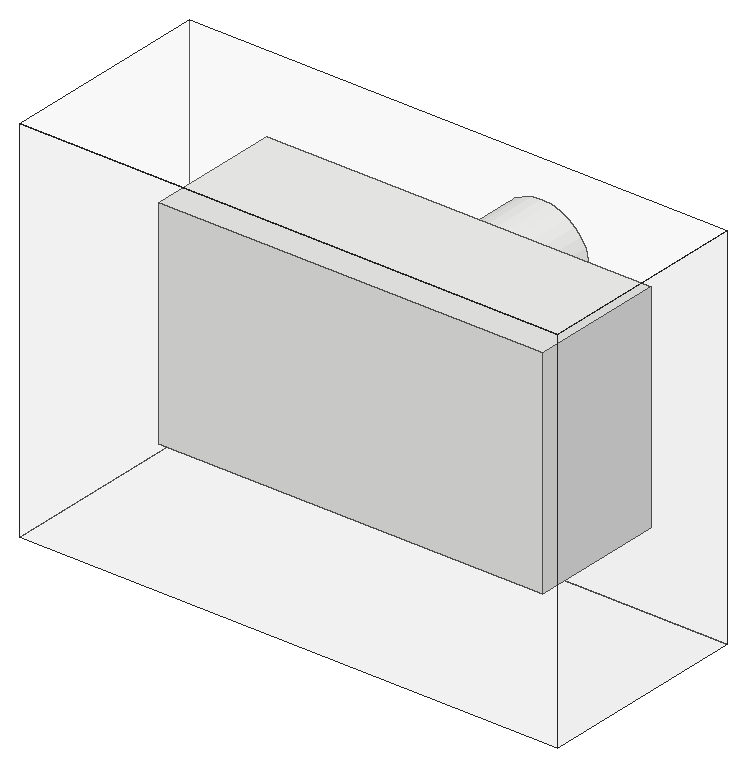
Revit family "v-241bk5-rn_50Hz", category 機械設備, Revit 2019
Family settings
  丸型コネクタ寸法 = 直径を使用
  パーツ タイプ = 標準
  OmniClass 番号 = 23.75.35.17.27
  OmniClass タイトル = Centrifugal Fans
  作業面ベース = いいえ
  常に垂直 = はい
  ロード時にボイドで切り取り = いいえ
  共有 = いいえ
  部屋計算ポイント = いいえ
Parameters (values of type "V-241BK5-RN")
  騒音レベル(dB(A)) [instance] = 48
  風量 [instance] = 200.0 m³/h
  電源種別 [instance] = ""
  電圧 = 200 V
  電動機出力 = 0 W
  電動機_種別 [instance] = ""
  運転質量 = 0.00 kg
  連動 [instance] = ""
  質量 = if(製品質量 > 運転質量, 製品質量, 運転質量) * 1.2  # 10.80 kg
  負荷分類 = 3_ファン類
  説明 = "バス乾燥・暖房・換気システム リニューアルバスカラット"
  設計風量 [instance] = 0.0 m³/h
  設置方法 = "壁付"
  記号 [instance] = ""
  製造元 = "三菱電機株式会社"
  製品質量 = 9.00 kg
  製品出荷対象 = "国内"
  製品リリース年月 = "2022年6月1日"
  製品グループ = ""
  系統 [instance] = ""
  符号 [instance] = if(☑給気／□排気, "FS", "FE")  # "FE"
  積算_科目 = "2 換気設備"
  積算_拾い区分 [instance] = ""
  相 = 1
  盤記号 [instance] = ""
  発停方法 [instance] = ""
  特殊仕様 [instance] = ""
  メンテナンススペース = yes
  火災停止 [instance] = ""
  消費電力 = 2190 W
  法定耐用年数 = "10"
  機外静圧 [instance] = 0.0 Pa
  極数 = 3
  材質 [instance] = ""
  操作・制御方式 = ""
  操作・制御スイッチ = ""
  排気量 [instance] = if(☑給気／□排気, 0.0 m³/h, 設計風量)  # 0.0 m³/h
  形式 = ""
  幹線記号 [instance] = ""
  対象室 [instance] = ""
  実風量 [instance] = 0.0 m³/h
  始動方式 [instance] = "直入"
  外気量 [instance] = if(☑給気／□排気, 設計風量, 0.0 m³/h)  # 0.0 m³/h
  呼称 = ""
  周波数 = 50 Hz
  参照している仕様書等のバージョン = ""
  分類コード = "50052503100080"
  分類グループ = ""
  価格 = 166500
  企業コード = "108420"
  付属品_防振装置 = ""
  付属品 [instance] = ""
  仕様書バージョン = "Version1.0"
  モデル = "V-241BK5-RN"
  マテリアル = 合成樹脂(白)
  ファンの種類 = ""
  コメント [instance] = ""
  Keynote = ""
  ☑給気／□排気 [instance] = no
  Width = 498 mm
  W1 = 122 mm
  Version = ""
  Uniclass2015Version = "Systems v1.9"
  Uniclass2015Title = "Centrifugal fans"
  Uniclass2015Code = "Pr_65_67_29_12"
  URL = "https://www.mitsubishielectric.co.jp/ldg/wink/ssl/displayProduct.do?pid=320488"
  SpecificationReference = ""
  SpecificationDescription = ""
  Revision = ""
  ProductInformation = ""
  OmniClassCode = "23-33 31 19 11 15"
  MIN風量 = 105.0 m³/h
  MIN静圧 = 0.0 Pa
  MID風量 = 200.0 m³/h
  MID静圧 = 0.0 Pa
  MAX風量 = 200.0 m³/h
  MAX静圧 = 0.0 Pa
  IfcTypeProduct = ""
  IfcProduct = ""
  IfcExportType = "PROPELLORAXIAL"
  IfcExportAs = "IfcFanType"
  Height = 280 mm
  H1 = 106 mm
  Depth = 175 mm
  D1 = 135 mm
  Clearance Top = 100 mm
  Clearance Right = 100 mm
  Clearance Left = 100 mm
  Clearance Front = 100 mm
  Clearance Bottom = 100 mm
  Clearance Back = 0 mm
  Author = "三菱電機株式会社"
Reference planes
  plane 1 "中心(正面/背面)": y = 0
  plane 2: z = 0
  plane 3 "中心(左/右)": x = 0
  plane 4: x = 349
  plane 5: y = 0
  plane 6: y = -275
  plane 7: x = -249
  plane 8: x = 249
  plane 9: y = 135
  plane 10: y = -175
  plane 11: z = 206
  plane 12: z = -174
  plane 13: x = -349
  plane 14: z = -274
  plane 15: y = -87.5
  plane 16: z = 106
Forms (mm)
  Extrusion 1, solid, material "合成樹脂(白)" <- "マテリアル", detail levels fine
    sketch origin (0, 0, 0) x (1, 0, 0) y (0, 1, 0)
      loop
        line (-249, 0) -> (-249, -175) -> (249, -175) -> (249, 0) -> (-249, 0)
    from -174 to 106
  Extrusion 2, solid, material "合成樹脂(白)" <- "マテリアル", detail levels fine
    sketch origin (0, 0, 0) x (1, 0, 0) y (0, 0, 1)
      loop
        circle (0, 0) r 61
    from -135 to 0
Dimensions and locks
  equal spacing: plane 7, plane 3 "中心(左/右)", plane 8
  "Width": plane 7 to plane 8
  "Clearance Left": plane 13 to plane 7
  "Depth": plane 1 "中心(正面/背面)" to plane 10
  "Clearance Front": plane 10 to plane 6
  "Clearance Back": plane 5 to plane 1 "中心(正面/背面)"
  "Clearance Right": plane 8 to plane 4
  "Clearance Bottom": plane 12 to plane 14
  equal spacing: plane 1 "中心(正面/背面)", plane 15, plane 10
  "H1": plane 16 to level
  "Height": plane 16 to plane 12
  "Clearance Top": plane 11 to plane 16
  "D1": plane 1 "中心(正面/背面)" to plane 9
  "W1": diameter of Extrusion 2 sketch curve
  aligned and locked: level to plane 2
  aligned and locked: plane 8 to Extrusion 1
  aligned and locked: Extrusion 1 to plane 10
  aligned and locked: Extrusion 1 to plane 7
  aligned and locked: Extrusion 1 to plane 12
  aligned and locked: Extrusion 1 to plane 1 "中心(正面/背面)"
  aligned and locked: plane 3 "中心(左/右)" to nested 1
  aligned and locked: nested 1 to plane 15
  aligned and locked: plane 16 to Extrusion 1
  aligned and locked: plane 9 to Extrusion 2
  aligned and locked: plane 1 "中心(正面/背面)" to Extrusion 2
  aligned and locked: nested 2 to plane 6
  aligned and locked: nested 2 to plane 5
  aligned and locked: plane 13 to nested 2
  aligned and locked: plane 4 to nested 2
  aligned and locked: plane 14 to nested 2
  aligned and locked: plane 11 to nested 2
Automatic sketch dimensions
  Extrusion 1 sketch curve to plane 3 "中心(左/右)" = 249 mm
  plane 3 "中心(左/右)" to Extrusion 1 sketch curve = 249 mm
  plane 1 "中心(正面/背面)" to Extrusion 1 sketch curve = 175 mm
  Extrusion 1 sketch curve to plane 1 "中心(正面/背面)" = 0 mm
  Extrusion 2 sketch curve to level = 0 mm
  Extrusion 2 sketch curve to plane 3 "中心(左/右)" = 0 mm
Nested families
  nested 1: "記号_天井換気扇_平面" at (0, -87.5, 0), type "記号_天井換気扇_平面", detail levels coarse+medium
  nested 2: "メンテナンススペース" at (0, -137.5, -34), visible <- "メンテナンススペース", type "メンテナンススペース"
    with Width 698 mm, Height 480 mm, Depth 275 mm
Connectors
  electrical at (0, 0, -34), driven by "極数", driven by "電圧", driven by "消費電力"
    settings: on Extrusion 1, index 1, voltage 200 V, apparent load 2190 VA, apparent load phase1 0 VA, apparent load phase2 0 VA, apparent load phase3 0 VA, power factor 1, load classification "その他", number of poles 3, system type 30, power factor state 1, is connector primary yes, connector utility no, sub classification motor no, connector description ""
Definition of nested family "メンテナンススペース"
  Parameters (values of type "メンテナンススペース")
    Width [instance] = 500 mm
    Height [instance] = 500 mm
    Depth [instance] = 500 mm
  Reference planes
    plane 1 "中心(正面/背面)": y = 0
    plane 2: z = 0
    plane 3 "中心(左/右)": x = 0
    plane 4: y = -250
    plane 5: x = 250
    plane 6: y = 250
    plane 7: x = -250
    plane 8: z = 250
    plane 9: z = -250
  Forms (mm)
    Extrusion 1, solid
      sketch origin (-638.939, 0, 72.39) x (1, 0, 0) y (0, 1, 0)
        loop
          line (388.939, 250) -> (388.939, -250) -> (888.939, -250) -> (888.939, 250) -> (388.939, 250)
      from -322.39 to 177.61
  Lines and regions (mm)
    symbolic lines
      curve 1: line (-250, 0, 250) -> (250, 0, 250)
      curve 2: line (-250, 0, -250) -> (-250, 0, 250)
      curve 3: line (250, 0, -250) -> (-250, 0, -250)
      curve 4: line (250, 0, 250) -> (250, 0, -250)
      curve 5: line (0, -250, 250) -> (0, 250, 250)
      curve 6: line (0, -250, -250) -> (0, -250, 250)
      curve 7: line (0, 250, -250) -> (0, -250, -250)
      curve 8: line (0, 250, 250) -> (0, 250, -250)
      curve 9: line (-250, 250, 0) -> (250, 250, 0)
      curve 10: line (-250, -250, 0) -> (-250, 250, 0)
      curve 11: line (250, -250, 0) -> (-250, -250, 0)
      curve 12: line (250, 250, 0) -> (250, -250, 0)
  Dimensions and locks
    equal spacing: plane 7, plane 3 "中心(左/右)", plane 5
    equal spacing: plane 4, plane 1 "中心(正面/背面)", plane 6
    "Depth": plane 4 to plane 6
    "Width": plane 7 to plane 5
    equal spacing: plane 8, plane 2, plane 9
    "Height": plane 8 to plane 9
    aligned and locked: plane 9 to curve 3
    aligned and locked: plane 7 to curve 2
    aligned and locked: curve 4 to plane 5
    aligned and locked: plane 5 to Extrusion 1
    aligned and locked: Extrusion 1 to plane 7
    aligned and locked: Extrusion 1 to plane 9
    aligned and locked: plane 8 to Extrusion 1
    aligned and locked: plane 9 to curve 7
  Automatic sketch dimensions
    plane 4 to Extrusion 1 sketch curve = 0 mm
    Extrusion 1 sketch curve to plane 7 = 0 mm
    Extrusion 1 sketch curve to plane 5 = 0 mm
    plane 6 to Extrusion 1 sketch curve = 0 mm
    curve 2 to plane 8 = 0 mm
    plane 4 to curve 11 = 0 mm
    curve 11 to plane 7 = 0 mm
    curve 11 to plane 5 = 0 mm
    plane 6 to curve 10 = 0 mm
    curve 7 to plane 4 = 0 mm
    curve 7 to plane 6 = 0 mm
    curve 6 to plane 8 = 0 mm
Definition of nested family "記号_天井換気扇_平面"
  Reference planes
    plane 1: y = 0
    plane 2: x = 0
  Lines and regions (mm)
    detail lines
      curve 1: line (-2.5, 2.5, 0) -> (2.5, 2.5, 0)
      curve 2: line (-2.5, -2.5, 0) -> (-2.5, 2.5, 0)
      curve 3: line (2.5, -2.5, 0) -> (-2.5, -2.5, 0)
      curve 4: line (2.5, 2.5, 0) -> (2.5, -2.5, 0)
      curve 5: circle (-1.04, -1.04, 0) r 1.46 normal (0, 0, 1)
      curve 6: circle (1.04, 1.04, 0) r 1.46 normal (0, 0, 1)
      curve 7: line (-3.125, 3.125, 0) -> (3.125, 3.125, 0)
      curve 8: line (-3.125, -3.125, 0) -> (-3.125, 3.125, 0)
      curve 9: line (3.125, -3.125, 0) -> (-3.125, -3.125, 0)
      curve 10: line (3.125, 3.125, 0) -> (3.125, -3.125, 0)
      curve 11: circle (1.295, 1.295, 0) r 1.83 normal (0, 0, 1)
      curve 12: circle (-1.295, -1.295, 0) r 1.83 normal (0, 0, 1)
      curve 13: line (-2, 2, 0) -> (2, 2, 0)
      curve 14: line (-2, -2, 0) -> (-2, 2, 0)
      curve 15: line (2, -2, 0) -> (-2, -2, 0)
      curve 16: line (2, 2, 0) -> (2, -2, 0)
      curve 17: circle (0.84, 0.84, 0) r 1.16 normal (0, 0, 1)
      curve 18: circle (-0.84, -0.84, 0) r 1.2 normal (0, 0, 1)
